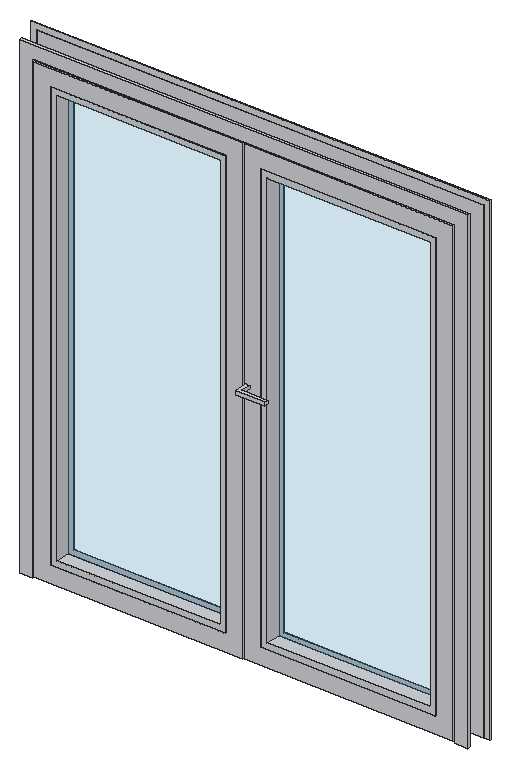
Revit family "a_reynaers_cs-104-functional_door_inside-opening-brush_doublerfa", category Окна, Revit 2017
Family settings
  Основа = Стена
  Номер OmniClass = 23.30.20.00
  Заголовок OmniClass = Windows
  Всегда вертикально = Да
  При загрузке вырезать с полостями = Нет
  Общий = Нет
  Точка расчета площади = Нет
Parameters (values of type "Frame 82mm")
  Youtube clip = ""
  Width INT [instance] = 1950 mm
  Width EXT [instance] = 2000 mm
  Weight Net (Kg) = 0
  Wall Exterior Width = 90 mm
  Uniclass 2.0 Description = "Doors, Windows And Glazing Survey Systems"
  Uniclass 2.0 Code = "SS-10-50-25-25"
  Uniclass 1.4 Description = "Doors"
  Uniclass 1.4 Code = "JL20"
  URL = "http://www.reynaers.com/architects/products/cs-104-hi-0"
  UNSPSC Code = "301715"
  Technical description = ""
  Region South America = "None"
  Region Oceania = "None"
  Region North America = "None"
  Region Middle East = "None"
  Region Europe = "AD, AL, AT, AX, BA, BE, BG, BY, CH, CS, CY, CZ, DE, DK, EE, ES, FI, FO, FR, GB, GG, GI, GR, HR, HU, IE, IM, IS, IT, JE, LI, LT, LU, LV, MC, MD, ME, MK, MT, NL, NO, PL, PT, RO, RS, RU, SE, SI, SJ, SK, SM, UA, VA, XK"
  Region Asia = "None"
  Region Antarctica = "None"
  Region Africa = "None"
  REY Website = "www.reynaers.com"
  REY Vent Width = 71 mm
  REY Vent & Gap & 20 = REY Vent Width + REY Gap Width + 20 mm  # 97 mm
  REY Sill Height = 0 mm  # constant formula
  REY Sill H = 0 mm  # constant formula
  REY Shutter Roll Material = none
  REY Shutter Roll Height = 200 mm
  REY Shutter Position = if(BE, 0 mm, REY Butt Strip Width)  # 25 mm
  REY Shutter Height = if(REY Shutter, REY Shutter Roll Height, 0 mm)  # 0 mm
  REY Shutter Depth = if(REY Shutter, 59 mm, 0 mm)  # 0 mm
  REY Shutter = no
  REY Rebate TOP B = if(BE, REY Rebate, 0 mm)  # 0 mm
  REY Rebate TOP A = if(NL, REY Rebate, 0 mm)  # 30 mm
  REY Rebate B = if(BE, REY Rebate, 0 mm)  # 0 mm
  REY Rebate A = if(NL, REY Rebate, 0 mm)  # 30 mm
  REY Rebate = 30 mm
  REY Profile Rebate = 25 mm
  REY Profile Color OUT [instance] = none
  REY Profile Color IN [instance] = none
  REY Panel Tickness [instance] = 24 mm
  REY Panel Material [instance] = Glass
  REY Panel Height [instance] = 1845 mm
  REY Panel Coverage = 19 mm
  REY Panel 1 Width [instance] = 749 mm
  REY Panel 1 Opening Direction Turn DIN R [instance] = yes
  REY Panel 1 Opening Direction Turn DIN L [instance] = no
  REY Offset Wall Ext Int B = if(BE, REY Offset Wall Ext Int, 0 mm)  # 0 mm
  REY Offset Wall Ext Int A = if(NL, REY Offset Wall Ext Int, 0 mm)  # 25 mm
  REY Offset Wall Ext Int = 25 mm
  REY Joint Width B = if(BE, REY Joint Width, 0 mm)  # 0 mm
  REY Joint Width A = if(NL, REY Joint Width, 0 mm)  # 8 mm
  REY Joint Width = 8 mm
  REY Joint Bottom = 0 mm
  REY Gap Width = 6 mm
  REY Gap Floor = 7 mm
  REY Frame Width = 82 mm
  REY Frame Position MID = REY Vent Width + REY Gap Width  # 77 mm
  REY Fixation Bottom = 33 mm
  REY Element Width [instance] = 1990 mm
  REY Element Height [instance] = 2220 mm
  REY Design = 0 mm  # constant formula
  REY Butt Strip Width = 25 mm
  REY Built-In Depth = 95 mm
  REY Brush Profile Height = 26 mm
  REY Block Frame = no
  QR code = "http://file-system.ru/catalog/zdaniya_i_sooruzheniya/eksterer/dveri/cs_104_dveri/"
  Product group = "Windows Aluminium"
  Product family = "Windows & Doors"
  Product data url = "http://file-system.ru/catalog/zdaniya_i_sooruzheniya/eksterer/dveri/cs_104_dveri/"
  Product certification = ""
  Product SKU = "Reynaers_door_Concept_system_104_HI"
  Product Guid = "2fc0731a-14b4-4d12-820d-d65da8d0a27a"
  OmniClass Description = ""
  OmniClass Code = ""
  Nominal width = 0
  Nominal height = 0
  NL = yes
  NBS Reference Description = "Doors, Windows And Glazing Survey Systems"
  NBS Reference Code = "10-50-25-25"
  Material secondary = "Aluminium"
  Material main = "Aluminium"
  Manufacturer name = "Reynaers"
  Manufacturer country = "Belgium"
  Изготовитель = "Reynaers"
  Installation instructions = ""
  IFC Classification = "Door"
  Height INT [instance] = 2108 mm
  Height EXT [instance] = 2100 mm
  Height [instance] = Height EXT  # 2100 mm
  Edition number = 1
  EAN code = ""
  Design country = "Belgium"
  Default Sill Height = 0 mm
  Замыкание стены = По основе
  Width [instance] = Width EXT  # 2000 mm
  Date of publishing = "2015-09-17"
  COBIe Type Category = ""
  BE = no
  Аналитическая конструкция = "<None>"
Reference planes
  plane 1 "Center (Front/Back)": y = 0
  plane 2 "Center (Left/Right)": x = 0
  plane 3 "REY L EXT": x = -1000
  plane 4 "REY R EXT": x = 1000
  plane 5 "Sill": z = 0
  plane 6 "REY Top EXT": z = 2100
  plane 7 "Exterior": y = 150
  plane 8 "Interior": y = -150
  plane 9 "REY Profile L": x = -970
  plane 10 "REY Profile Temp": x = -1000
  plane 11 "REY L INT Temp": x = -1000
  plane 12 "Wall Exterior Width": y = 60
  plane 13 "REY L INT": x = -975
  plane 14 "REY R INT Temp": x = 1000
  plane 15 "REY R INT": x = 975
  plane 16 "REY Top INT": z = 2075
  plane 17 "REY Top INT Temp": z = 2100
  plane 18 "REY Sill Bottom": z = 0
  plane 19 "REY Bottom INT": z = -33
  plane 20 "REY Shutter TOP": z = 2075
  plane 21 "REY Profile TOP": z = 2070
  plane 22 "REY Profile TOP Temp": z = 2100
  plane 23 "REY Profile Joint Temp": y = 60
  plane 24 "REY Profile Joint": y = 68
  plane 25 "REY Built-In-Depth": y = -27
  plane 26 "REY Frame L": x = -888
  plane 27 "REY Gap L": x = -882
  plane 28 "REY Vent L": x = -811
  plane 29 "REY Panel L": x = -830
  plane 30 "REY Profile A Rebate": x = -995
  plane 31 "REY Shutter": y = 68
  plane 32 "REY Profile Design": y = 68
  plane 33 "REY Panel OUT": y = 60
  plane 34 "REY Panel IN": y = 36
  plane 35 "REY Profile R": x = 970
  plane 36 "Mid Window": z = 990
  plane 37 "REY Panel TOP": z = 1930
  plane 38 "REY Gap TOP": z = 1982
  plane 39 "REY Frame TOP": z = 1988
  plane 40 "REY Vent TOP": z = 1911
  plane 41 "REY Shutter Position L": x = -995
  plane 42 "REY Shutter Position R": x = 995
  plane 43 "REY A Butt-Strip": x = -995
  plane 44 "REY Shutter Position TOP": z = 2095
  plane 45 "REY Frame R": x = 888
  plane 46 "REY GAP R": x = 882
  plane 47 "REY Vent R": x = 811
  plane 48 "REY Panel R": x = 830
  plane 49 "REY Door Profile Bottom": z = 7
  plane 50 "REY Door Gap Bottom": z = 33
  plane 51 "REY Panel Bottom": z = 85
  plane 52 "REY Vent Bottom": z = 104
  plane 53 "REY MID 1/2": x = 0
  plane 54 "REY Fixed Gap MID L": x = -3
  plane 55 "REY Fixed Gap MID R": x = 3
  plane 56 "REY Frame INT MID 1/2 L": x = -23
  plane 57 "REY Vent MID L": x = -100
  plane 58 "REY Vent MID R": x = 100
  plane 59 "REY Panel MID L": x = -81
  plane 60 "REY Panel MID R": x = 81
  plane 61 "REY Frame INT MID 1/2 R": x = 23
Forms (mm)
  Extrusion 1, void
    sketch origin (0, 0, 0) x (0, -1, 0) y (1, 0, 0)
      loop
        line (-150, -1000) -> (-60, -1000) -> (-60, 1000) -> (-150, 1000) -> (-150, -1000)
    from 0 to 2100
  Extrusion 2, void
    sketch origin (0, 0, 0) x (0, -1, 0) y (1, 0, 0)
      loop
        line (-60, -975) -> (150, -975) -> (150, 975) -> (-60, 975) -> (-60, -975)
    from -33 to 2075
  Sweep 3, solid, material <- "REY Profile Color OUT"
    path origin (0, 68, 0) x (-1, 0, 0) y (0, 0, 1)
      loop
        line (100, 104) -> (811, 104) -> (811, 1911) -> (100, 1911) -> (100, 104)
    profile origin (-811, 68, 1007.5) x (0, 1, 0) y (-1, 0, 0)
      loop
        line (0, 71) -> (-4.459, 71) -> (-4.459, 77) -> (-6.259, 77) -> (-6.259, 70.048) -> (-3.8, 70.048) -> (-3.8, 0) -> (0, 0) -> (0, 71)
  Sweep 4, solid, material <- "REY Profile Color IN"
    path origin (0, -27, 0) x (-1, 0, 0) y (0, 0, 1)
      loop
        line (811, 104) -> (811, 1911) -> (100, 1911) -> (100, 104) -> (811, 104)
    profile origin (-811, -27, 1007.5) x (1, 0, 0) y (0, 1, 0)
      loop
        line (-97, 4) -> (-97, 0) -> (-25, 0) -> (-25, 4) -> (-97, 4)
      loop
        line (-24, 63) -> (-24, 0) -> (0, 0) -> (0, 63) -> (-24, 63)
  Extrusion 5, solid, material "Glass" <- "REY Panel Material"
    sketch origin (0, 0, 52) x (0, 1, 0) y (-1, 0, 0)
      loop
        line (36, 830) -> (36, 81) -> (60, 81) -> (60, 830) -> (36, 830)
    from 33 to 1878
  Extrusion 6, solid, material <- "REY Profile Color OUT", visible <- "REY Shutter"
    sketch origin (0, 0, 0) x (0, -1, 0) y (1, 0, 0)
      loop
        line (-68, 995) -> (-127, 995) -> (-127, 966.665) -> (-122.8, 966.665) -> (-122.8, 993.165) -> (-104.8, 993.165) -> (-104.8, 966.665) -> (-68, 966.665) -> (-68, 995)
    from 0 to 2070
  Sweep 7, solid, material <- "REY Profile Color OUT", visible <- "NL"
    path origin (0, 68, 0) x (-1, 0, 0) y (0, 0, 1)
      loop
        line (970, 0) -> (970, 2070) -> (-970, 2070) -> (-970, 0)
    profile origin (-970, 68, 1035) x (1, 0, 0) y (0, 1, 0)
      loop
        line (0, 0) -> (-25, 0) -> (-25, -3.8) -> (0, -3.8) -> (0, 0)
  Extrusion 8, solid, material <- "REY Profile Color OUT", visible <- "REY Shutter"
    sketch origin (970, 0, 0) x (0, 1, 0) y (0, 0, -1)
      loop
        line (68, -2078.8) -> (68, -2080.4) -> (89.9, -2080.4)
        arc (89.9, -2080.4) -> (92.728, -2081.572) -> (93.9, -2084.4) r 4
        line (93.9, -2084.4) -> (93.9, -2111.4)
        arc (93.9, -2111.4) -> (90.707, -2119.107) -> (83, -2122.3) r 10.9
        line (83, -2122.3) -> (83, -2123.9)
        arc (83, -2123.9) -> (91.839, -2120.239) -> (95.5, -2111.4) r 12.5
        line (95.5, -2111.4) -> (95.5, -2084.4)
        arc (95.5, -2084.4) -> (93.86, -2080.44) -> (89.9, -2078.8) r 5.6
        line (89.9, -2078.8) -> (68, -2078.8)
    from 0 to 1940
  Extrusion 9, solid, material <- "REY Shutter Roll Material", visible <- "REY Shutter"
    sketch origin (970, 0, 0) x (0, 1, 0) y (0, 0, -1)
      loop
        line (60, -2075) -> (-150, -2075) -> (-150, -2085) -> (60, -2085) -> (60, -2075)
    from -5 to 1945
  Extrusion 10, solid, material <- "REY Profile Color OUT", visible <- "REY Shutter"
    sketch origin (0, 0, 0) x (0, -1, 0) y (1, 0, 0)
      loop
        line (-68, -995) -> (-68, -966.665) -> (-104.8, -966.665) -> (-104.8, -993.165) -> (-122.8, -993.165) -> (-122.8, -966.665) -> (-127, -966.665) -> (-127, -995) -> (-68, -995)
    from 0 to 2095
  Sweep 11, solid, material <- "REY Profile Color IN"
    path origin (0, -27, 0) x (-1, 0, 0) y (0, 0, 1)
      loop
        line (970, 0) -> (970, 2070) -> (-970, 2070) -> (-970, 0)
    profile origin (-970, -27, 1035) x (1, 0, 0) y (0, 1, 0)
      loop
        line (56, 9) -> (67, 9) -> (67, 13) -> (0, 13) -> (0, 0) -> (56, 0) -> (56, 9)
  Sweep 12, solid, material <- "REY Profile Color OUT"
    path origin (0, 68, 0) x (-1, 0, 0) y (0, 0, 1)
      loop
        line (970, 0) -> (970, 2070) -> (-970, 2070) -> (-970, 0)
    profile origin (-970, 68, 1035) x (1, 0, 0) y (0, 1, 0)
      loop
        line (0, 0) -> (0, -3.8) -> (82, -3.8) -> (82, 0) -> (0, 0)
  Extrusion 13, solid, material <- "REY Profile Color OUT"
    sketch origin (0, 0, 0) x (0, -1, 0) y (1, 0, 0)
      loop
        line (-68, -888) -> (-64.2, -888) -> (-64.2, 888) -> (-68, 888) -> (-68, -888)
    from 7 to 33
  Sweep 14, solid, material <- "REY Profile Color OUT"
    path origin (0, 68, 0) x (-1, 0, 0) y (0, 0, 1)
      loop
        line (-811, 1911) -> (-811, 104) -> (-100, 104) -> (-100, 1911) -> (-811, 1911)
    profile origin (811, 68, 1007.5) x (1, 0, 0) y (0, 1, 0)
      loop
        line (71, 0) -> (0, 0) -> (0, -3.8) -> (70.048, -3.8) -> (70.048, -6.259) -> (77, -6.259) -> (77, -4.459) -> (71, -4.459) -> (71, 0)
  Sweep 15, solid, material <- "REY Profile Color IN"
    path origin (0, -27, 0) x (-1, 0, 0) y (0, 0, 1)
      loop
        line (-811, 104) -> (-100, 104) -> (-100, 1911) -> (-811, 1911) -> (-811, 104)
    profile origin (811, -27, 1007.5) x (0, 1, 0) y (-1, 0, 0)
      loop
        line (4, -97) -> (4, -25) -> (0, -25) -> (0, -97) -> (4, -97)
      loop
        line (63, -24) -> (63, 0) -> (0, 0) -> (0, -24) -> (63, -24)
  Extrusion 16, solid, material "Glass" <- "REY Panel Material"
    sketch origin (0, 0, 85) x (0, -1, 0) y (1, 0, 0)
      loop
        line (-60, 81) -> (-36, 81) -> (-36, 830) -> (-60, 830) -> (-60, 81)
    from 0 to 1845
  Extrusion 17, solid, material <- "REY Profile Color OUT"
    sketch origin (0, 0, 33) x (0, -1, 0) y (1, 0, 0)
      loop
        line (-68, -23) -> (-64, -23) -> (-64, 23) -> (-68, 23) -> (-68, -23)
    from 0 to 1955
Lines and regions (mm)
  symbolic lines, style "Windows"
    curve 1: line (-888, 68, 0) -> (-970, 68, 0)
    curve 2: line (-888, 61.741, 0) -> (-888, 68, 0)
    curve 3: line (-913, 61.741, 0) -> (-913, -18, 0)
    curve 4: line (-888, 61.741, 0) -> (-913, 61.741, 0)
    curve 5: line (-811, -27, 0) -> (-908, -27, 0)
    curve 6: line (-908, -27, 0) -> (-908, -23, 0)
    curve 7: line (-882, 68, 0) -> (-882, 60, 0)
    curve 8: line (-811, 68, 0) -> (-882, 68, 0)
    curve 9: line (-908, -23, 0) -> (-908, 60, 0)
    curve 10: line (-908, 60, 0) -> (-882, 60, 0)
    curve 11: line (970, 68, 0) -> (970, -27, 0)
    curve 12: line (970, -27, 0) -> (913, -27, 0)
    curve 13: line (913, -27, 0) -> (913, 61.741, 0)
    curve 14: line (970, 68, 0) -> (888, 68, 0)
    curve 15: line (882, 68, 0) -> (882, 59.741, 0)
    curve 16: line (-3, -27, 0) -> (811, -27, 0)
    curve 17: line (-3, -23, 0) -> (-3, -27, 0)
    curve 18: line (908, 59.741, 0) -> (908, -23, 0)
    curve 19: line (882, 68, 0) -> (811, 68, 0)
    curve 20: line (-811, 68, 0) -> (-811, -27, 0)
    curve 21: line (811, -27, 0) -> (811, 68, 0)
    curve 22: line (811, 36, 0) -> (100, 36, 0)
    curve 23: line (970, 60, 2070) -> (970, 9, 2070)
    curve 24: line (970, 9, 2003) -> (970, 9, 2070)
    curve 25: line (970, 61.741, 2003) -> (970, 9, 2003)
    curve 26: line (970, 61.741, 1988) -> (970, 61.741, 2003)
    curve 27: line (970, 61.741, 1988) -> (970, 60, 1988)
    curve 28: line (970, 60, 1988) -> (970, 60, 2070)
    curve 30: line (970, 61.741, 1930) -> (970, -27, 1930)
    curve 31: line (970, 61.741, 1911) -> (970, 61.741, 1930)
    curve 32: line (970, 68, 1911) -> (970, 61.741, 1911)
    curve 33: line (970, 68, 1911) -> (970, 68, 1982)
    curve 34: line (970, 57.21, 1982) -> (970, 68, 1982)
    curve 35: line (970, 57.21, 1982) -> (970, 57.21, 2100)
    curve 36: line (970, 57.21, 2100) -> (970, 4, 2100)
    curve 37: line (970, -27, 2008) -> (970, 4, 2008)
    curve 38: line (970, -27, 1911) -> (970, -27, 2008)
    curve 39: line (970, 36, 1911) -> (970, -27, 1911)
    curve 40: line (970, -27, 1911) -> (970, -27, 1930)
    curve 41: line (970, 36, 1930) -> (970, -27, 1930)
    curve 42: line (970, 36, 1930) -> (970, 36, 1911)
    curve 62: line (-970, -27, 0) -> (-970, 68, 0)
    curve 63: line (-811, 60, 0) -> (-100, 60, 0)
    curve 64: line (888, 61.741, 0) -> (888, 68, 0)
    curve 65: line (888, 61.741, 0) -> (913, 61.741, 0)
    curve 66: line (882, 59.741, 0) -> (908, 59.741, 0)
    curve 80: line (-914, -18, 0) -> (-914, -27, 0)
    curve 81: line (-914, -27, 0) -> (-970, -27, 0)
    curve 87: line (-100, 36, 0) -> (-811, 36, 0)
    curve 88: line (100, 60, 0) -> (811, 60, 0)
    curve 89: line (3, 68, 33) -> (100, 68, 33)
    curve 90: line (3, -27, 33) -> (3, 68, 33)
    curve 91: line (100, -27, 33) -> (3, -27, 33)
    curve 92: line (100, 68, 33) -> (100, -27, 33)
    curve 93: line (-3, 68, 33) -> (-100, 68, 33)
    curve 94: line (-3, -27, 33) -> (-3, 68, 33)
    curve 95: line (-100, -27, 33) -> (-3, -27, 33)
    curve 96: line (-100, 68, 33) -> (-100, -27, 33)
  symbolic lines, style "Windows", not visible
    curve 29: line (970, -27, 1930) -> (970, -27, 2008)
  symbolic lines, style "Windows", visible <- "REY Block Frame"
    curve 43: line (970, 110, 0) -> (970, 68, 0)
  symbolic lines, style "Windows", visible <- "NL"
    curve 44: line (970, 2.2, 0) -> (970, 60, 0)
  symbolic lines, style "REY Draaisymbool Aanzicht Binnen", detail levels medium+fine
    curve 45: line (811, -27, 1911) -> (100, -27, 990)
    curve 46: line (100, -27, 990) -> (811, -27, 104)
  symbolic lines
    curve 47: line (-1000, 150, 0) -> (1000, 150, 0)
    curve 48: line (1000, -150, 0) -> (-1000, -150, 0)
  symbolic lines, style "Windows", visible <- "REY Shutter"
    curve 49: line (-995, 127, 0) -> (-966.665, 127, 0)
    curve 50: line (-966.665, 127, 0) -> (-966.665, 122.8, 0)
    curve 51: line (-966.665, 122.8, 0) -> (-993.165, 122.8, 0)
    curve 52: line (-993.165, 122.8, 0) -> (-993.165, 104.8, 0)
    curve 53: line (-993.165, 104.8, 0) -> (-966.665, 104.8, 0)
    curve 54: line (-966.665, 104.8, 0) -> (-966.665, 68, 0)
    curve 55: line (-995, 64, 0) -> (-995, 127, 0)
    curve 56: line (966.665, 127, 0) -> (970, 127, 0)
    curve 57: line (966.665, 122.8, 0) -> (966.665, 127, 0)
    curve 58: line (993.165, 122.8, 0) -> (966.665, 122.8, 0)
    curve 59: line (993.165, 104.8, 0) -> (993.165, 122.8, 0)
    curve 60: line (991.665, 104.8, 0) -> (993.165, 104.8, 0)
    curve 61: line (970, 68, 0) -> (991.665, 68, 0)
  symbolic lines, style "Windows", visible <- "REY Panel 1 Opening Direction Turn DIN R"
    curve 67: line (25.5, -27, 0) -> (10.5, -27, 0)
    curve 73: line (10.5, -84.5, 0) -> (10.5, -27, 0)
    curve 74: line (138, -84.5, 0) -> (10.5, -84.5, 0)
    curve 75: line (138, -69.5, 0) -> (138, -84.5, 0)
    curve 76: line (25.5, -69.5, 0) -> (138, -69.5, 0)
    curve 77: line (25.5, -27, 0) -> (25.5, -69.5, 0)
  symbolic lines, style "REY Draaisymbool Aanzicht Binnen"
    curve 68: line (-811, -27, 1911) -> (-100, -27, 990)
    curve 69: line (-100, -27, 990) -> (-811, -27, 104)
  symbolic lines, style "Windows", visible <- "REY Panel 1 Opening Direction Turn DIN L"
    curve 70: line (-10.5, -84.5, 0) -> (-10.5, -27, 0)
    curve 71: line (-25.5, -27, 0) -> (-25.5, -69.5, 0)
    curve 72: line (-138, -84.5, 0) -> (-10.5, -84.5, 0)
    curve 78: line (-138, -69.5, 0) -> (-138, -84.5, 0)
    curve 79: line (-25.5, -69.5, 0) -> (-138, -69.5, 0)
  symbolic lines, style "REY Draaisymbool Plan"
    curve 82: line (888, 68, 33) -> (888, -820, 33)
    curve 83: line (-888, 68, 33) -> (-888, -820, 33)
    curve 84: line (908, -27, 33) -> (811, -27, 33)
    curve 85: arc (0, 68, 33) -> (-260.089, -559.911, 33) -> (-888, -820, 33) r 888
    curve 86: arc (0, 68, 33) -> (260.089, -559.911, 33) -> (888, -820, 33) r 888
Text (mm)
  text "EXTERIOR" at (-1963.203, 1332.353, 0), in view "Ref. Level"
  text "INTERIOR" at (-1981.466, -818.386, 0), in view "Ref. Level"
  text "Exterior" at (0, 923.751, 2943.296), in view "Right"
  text "Exterior" at (0, 1040.484, 2685.409), in view "Left"
  text "EXT" at (0, 709.313, 2863.072), in view "Section 1"
Dimensions and locks
  equal spacing: plane 3 "REY L EXT", plane 2 "Center (Left/Right)", plane 4 "REY R EXT"
  "Width": plane 3 "REY L EXT" to plane 4 "REY R EXT"
  "Height": plane 5 "Sill" to plane 6 "REY Top EXT"
  "Default Sill Height": plane 5 "Sill" to level
  locked: plane 7 "Exterior" to host wall at 0
  locked: plane 8 "Interior" to host wall
  "Wall Exterior Width": plane 7 "Exterior" to plane 12 "Wall Exterior Width"
  "REY Rebate B": plane 10 "REY Profile Temp" to plane 3 "REY L EXT"
  "REY Rebate A": plane 10 "REY Profile Temp" to plane 9 "REY Profile L"
  "REY Offset Wall Ext Int B": plane 4 "REY R EXT" to plane 14 "REY R INT Temp"
  "REY Offset Wall Ext Int B": plane 11 "REY L INT Temp" to plane 3 "REY L EXT"
  "REY Offset Wall Ext Int A": plane 11 "REY L INT Temp" to plane 13 "REY L INT"
  "REY Offset Wall Ext Int A": plane 15 "REY R INT" to plane 14 "REY R INT Temp"
  "REY Offset Wall Ext Int A": plane 16 "REY Top INT" to plane 17 "REY Top INT Temp"
  "REY Offset Wall Ext Int B": plane 6 "REY Top EXT" to plane 17 "REY Top INT Temp"
  "Width INT": plane 13 "REY L INT" to plane 15 "REY R INT"
  "REY Joint Bottom": plane 5 "Sill" to plane 18 "REY Sill Bottom"
  "REY Fixation Bottom": plane 18 "REY Sill Bottom" to plane 19 "REY Bottom INT"
  "REY Shutter Height": plane 20 "REY Shutter TOP" to plane 16 "REY Top INT"
  "REY Rebate TOP B": plane 22 "REY Profile TOP Temp" to plane 6 "REY Top EXT"
  "REY Rebate TOP A": plane 22 "REY Profile TOP Temp" to plane 21 "REY Profile TOP"
  "REY Joint Width A": plane 24 "REY Profile Joint" to plane 23 "REY Profile Joint Temp"
  "REY Joint Width B": plane 12 "Wall Exterior Width" to plane 23 "REY Profile Joint Temp"
  "REY Built-In Depth": plane 32 "REY Profile Design" to plane 25 "REY Built-In-Depth"
  "REY Frame Width": plane 9 "REY Profile L" to plane 26 "REY Frame L"
  "REY Gap Width": plane 26 "REY Frame L" to plane 27 "REY Gap L"
  "REY Vent Width": plane 27 "REY Gap L" to plane 28 "REY Vent L"
  "REY Profile Rebate": plane 30 "REY Profile A Rebate" to plane 9 "REY Profile L"
  "REY Panel Coverage": plane 29 "REY Panel L" to plane 28 "REY Vent L"
  "REY Design": plane 31 "REY Shutter" to plane 32 "REY Profile Design"
  "REY Shutter Depth": plane 24 "REY Profile Joint" to plane 31 "REY Shutter"
  locked: plane 32 "REY Profile Design" to plane 33 "REY Panel OUT" at 8
  "REY Panel Tickness": plane 33 "REY Panel OUT" to plane 34 "REY Panel IN"
  equal spacing: plane 9 "REY Profile L", plane 2 "Center (Left/Right)", plane 35 "REY Profile R"
  Sweep 4 sketch curve to Sweep 4 sketch curve = 24 mm
  Sweep 4 sketch curve to Sweep 4 sketch curve = 1 mm
  Sweep 4 to Sweep 4 = 24 mm
  Sweep 4 to Sweep 4 = 1 mm
  "REY Vent Width": plane 40 "REY Vent TOP" to plane 38 "REY Gap TOP"
  "REY Gap Width": plane 38 "REY Gap TOP" to plane 39 "REY Frame TOP"
  "REY Panel Coverage": plane 40 "REY Vent TOP" to plane 37 "REY Panel TOP"
  "REY Shutter Position": plane 41 "REY Shutter Position L" to plane 9 "REY Profile L"
  "REY Shutter Position": plane 35 "REY Profile R" to plane 42 "REY Shutter Position R"
  Extrusion 6 sketch curve to Extrusion 6 sketch curve to Extrusion 6 sketch curve = 18 mm locked, 4.2 mm locked
  locked: Extrusion 6 sketch curve to Extrusion 6 sketch curve at 1.835
  locked: Extrusion 6 sketch curve to Extrusion 6 sketch curve at 28.335
  locked: Extrusion 6 sketch curve to Extrusion 6 sketch curve at 36.8
  plane 22 "REY Profile TOP Temp" to plane 36 "Mid Window" = 1110 mm
  "REY Butt Strip Width": plane 43 "REY A Butt-Strip" to plane 9 "REY Profile L"
  "REY Shutter Position": plane 44 "REY Shutter Position TOP" to plane 21 "REY Profile TOP"
  "REY Frame Width": plane 39 "REY Frame TOP" to plane 21 "REY Profile TOP"
  locked: Extrusion 8 sketch curve to plane 44 "REY Shutter Position TOP" at 14.6
  locked: Extrusion 8 sketch curve to plane 31 "REY Shutter" at 25.9
  Extrusion 9 to plane 6 "REY Top EXT" = 15 mm
  Extrusion 10 sketch curve to Extrusion 10 sketch curve to Extrusion 10 sketch curve = 18 mm locked, 4.2 mm locked
  locked: Extrusion 10 sketch curve to Extrusion 10 sketch curve at 1.835
  locked: Extrusion 10 sketch curve to Extrusion 10 sketch curve at 28.335
  locked: Extrusion 10 sketch curve to Extrusion 10 sketch curve at 36.8
  locked: Sweep 3 sketch curve to Sweep 3 sketch curve at 0.952
  locked: curve 3 to curve 9 at 5
  "REY Vent Width": plane 47 "REY Vent R" to plane 46 "REY GAP R"
  "REY Gap Width": plane 46 "REY GAP R" to plane 45 "REY Frame R"
  "REY Frame Width": plane 45 "REY Frame R" to plane 35 "REY Profile R"
  locked: curve 18 to curve 13 at 5
  "Height INT": plane 20 "REY Shutter TOP" to plane 19 "REY Bottom INT"
  "REY Element Width": plane 41 "REY Shutter Position L" to plane 42 "REY Shutter Position R"
  locked: nested 2 to Sweep 4 at 15
  "REY Panel Coverage": plane 47 "REY Vent R" to plane 48 "REY Panel R"
  locked: Sweep 4 to Sweep 11 sketch curve at 5
  locked: Sweep 4 sketch curve to plane 26 "REY Frame L" at 20
  "REY Gap Floor": plane 49 "REY Door Profile Bottom" to plane 18 "REY Sill Bottom"
  "REY Brush Profile Height": plane 50 "REY Door Gap Bottom" to plane 49 "REY Door Profile Bottom"
  "REY Vent Width": plane 52 "REY Vent Bottom" to plane 50 "REY Door Gap Bottom"
  "REY Panel Coverage": plane 52 "REY Vent Bottom" to plane 51 "REY Panel Bottom"
  locked: Extrusion 9 to plane 20 "REY Shutter TOP" at 10
  "REY Panel Height": plane 37 "REY Panel TOP" to plane 51 "REY Panel Bottom"
  plane 52 "REY Vent Bottom" to plane 49 "REY Door Profile Bottom" = 97 mm
  Sweep 11 sketch curve to Sweep 4 = 6 mm
  plane 41 "REY Shutter Position L" to Sweep 11 = 81 mm
  Sweep 11 to Sweep 4 = 6 mm
  Sweep 4 to Sweep 4 to Sweep 4 = 72 mm, 25 mm
  plane 54 "REY Fixed Gap MID L" to plane 53 "REY MID 1/2" to plane 55 "REY Fixed Gap MID R" = 3 mm locked, 3 mm locked
  "REY Vent & Gap & 20": plane 57 "REY Vent MID L" to plane 54 "REY Fixed Gap MID L"
  "REY Vent & Gap & 20": plane 55 "REY Fixed Gap MID R" to plane 58 "REY Vent MID R"
  "REY Panel Coverage": plane 57 "REY Vent MID L" to plane 59 "REY Panel MID L"
  "REY Panel Coverage": plane 60 "REY Panel MID R" to plane 58 "REY Vent MID R"
  "REY Frame Position MID": plane 57 "REY Vent MID L" to plane 56 "REY Frame INT MID 1/2 L"
  "REY Frame Position MID": plane 61 "REY Frame INT MID 1/2 R" to plane 58 "REY Vent MID R"
  plane 56 "REY Frame INT MID 1/2 L" to plane 53 "REY MID 1/2" to plane 61 "REY Frame INT MID 1/2 R" = 23 mm, 23 mm
  locked: Sweep 14 sketch curve to Sweep 14 sketch curve at 0.952
  Sweep 15 sketch curve to Sweep 15 sketch curve = 24 mm
  Sweep 15 sketch curve to Sweep 15 sketch curve = 1 mm
  locked: plane 45 "REY Frame R" to Sweep 15 sketch curve at 20
  plane 26 "REY Frame L" to plane 53 "REY MID 1/2" to plane 45 "REY Frame R" = 888 mm, 888 mm  (x4)
  locked: plane 55 "REY Fixed Gap MID R" to nested 1 at 15
  "REY Panel 1 Width": plane 29 "REY Panel L" to plane 59 "REY Panel MID L"
  radius of Extrusion 8 sketch curve = 4 mm
  radius of Extrusion 8 sketch curve = 10.9 mm
  aligned and locked: Extrusion 1 sketch curve to plane 3 "REY L EXT"
  aligned and locked: plane 4 "REY R EXT" to Extrusion 1 sketch curve
  aligned and locked: Extrusion 1 sketch curve to plane 12 "Wall Exterior Width"
  aligned and locked: plane 7 "Exterior" to Extrusion 1 sketch curve
  aligned and locked: Extrusion 1 to plane 6 "REY Top EXT"
  aligned and locked: Extrusion 2 sketch curve to plane 12 "Wall Exterior Width"
  aligned and locked: Extrusion 2 sketch curve to plane 8 "Interior"
  aligned and locked: plane 13 "REY L INT" to Extrusion 2 sketch curve
  aligned and locked: plane 15 "REY R INT" to Extrusion 2 sketch curve
  aligned and locked: Extrusion 2 to plane 19 "REY Bottom INT"
  aligned and locked: plane 20 "REY Shutter TOP" to Extrusion 2
  aligned and locked: Sweep 3 sketch curve to plane 28 "REY Vent L"  (x2)
  aligned and locked: Sweep 4 sketch curve to plane 28 "REY Vent L"
  aligned and locked: Sweep 4 sketch curve to plane 34 "REY Panel IN"
  aligned and locked: Extrusion 5 sketch curve to plane 34 "REY Panel IN"
  aligned and locked: Extrusion 5 sketch curve to plane 33 "REY Panel OUT"
  aligned and locked: Extrusion 5 sketch curve to plane 29 "REY Panel L"
  aligned and locked: Extrusion 5 to plane 37 "REY Panel TOP"
  aligned and locked: Extrusion 6 sketch curve to Extrusion 6 sketch curve
  aligned and locked: Extrusion 6 sketch curve to plane 31 "REY Shutter"
  aligned and locked: plane 42 "REY Shutter Position R" to Extrusion 6 sketch curve
  aligned and locked: plane 9 "REY Profile L" to Sweep 7 sketch curve  (x2)
  aligned and locked: plane 35 "REY Profile R" to Sweep 7 sketch curve
  aligned and locked: Sweep 7 sketch curve to plane 43 "REY A Butt-Strip"
  aligned and locked: plane 21 "REY Profile TOP" to Extrusion 6
  aligned and locked: plane 31 "REY Shutter" to Extrusion 8 sketch curve
  aligned and locked: Sweep 7 sketch curve to plane 21 "REY Profile TOP"
  aligned and locked: Extrusion 8 to plane 9 "REY Profile L"
  aligned and locked: Extrusion 9 sketch curve to plane 16 "REY Top INT"
  aligned and locked: plane 12 "Wall Exterior Width" to Extrusion 9 sketch curve
  aligned and locked: Sweep 4 to curve 6
  aligned and locked: curve 17 to Sweep 4
  aligned and locked: curve 20 to Sweep 4
  aligned and locked: curve 23 to plane 21 "REY Profile TOP"
  aligned and locked: Sweep 3 to curve 26
  aligned and locked: curve 27 to Sweep 3
  aligned and locked: Sweep 4 to curve 29
  aligned and locked: plane 37 "REY Panel TOP" to curve 30
  aligned and locked: Sweep 3 to curve 31
  aligned and locked: curve 32 to Sweep 3
  aligned and locked: curve 34 to Sweep 3
  aligned and locked: curve 37 to Sweep 4
  aligned and locked: curve 39 to Sweep 4
  aligned and locked: Sweep 4 to curve 40
  aligned and locked: plane 37 "REY Panel TOP" to curve 41
  aligned and locked: Sweep 4 to curve 42
  aligned and locked: Extrusion 10 sketch curve to plane 31 "REY Shutter"
  aligned and locked: Extrusion 10 sketch curve to plane 41 "REY Shutter Position L"
  aligned and locked: plane 44 "REY Shutter Position TOP" to Extrusion 10
  aligned and locked: curve 49 to Extrusion 10
  aligned and locked: Extrusion 10 to curve 51
  aligned and locked: curve 52 to Extrusion 10
  aligned and locked: curve 53 to Extrusion 10
  aligned and locked: curve 54 to Extrusion 10
  aligned and locked: curve 55 to Extrusion 10
  aligned and locked: curve 56 to Extrusion 6
  aligned and locked: curve 57 to Extrusion 6
  aligned and locked: curve 58 to Extrusion 6
  aligned and locked: curve 59 to Extrusion 6
  aligned and locked: Extrusion 6 to curve 60
  aligned and locked: plane 32 "REY Profile Design" to curve 1
  aligned and locked: plane 32 "REY Profile Design" to curve 8
  aligned and locked: plane 27 "REY Gap L" to Sweep 3 sketch curve
  aligned and locked: plane 26 "REY Frame L" to Sweep 3 sketch curve
  aligned and locked: curve 7 to plane 27 "REY Gap L"
  aligned and locked: Extrusion 10 sketch curve to Extrusion 10 sketch curve
  aligned and locked: curve 50 to Extrusion 10
  aligned and locked: curve 22 to plane 34 "REY Panel IN"
  aligned and locked: plane 25 "REY Built-In-Depth" to curve 5
  aligned and locked: curve 16 to Sweep 4
  aligned and locked: plane 46 "REY GAP R" to curve 15
  aligned and locked: curve 64 to plane 45 "REY Frame R"
  aligned and locked: nested 1 to plane 25 "REY Built-In-Depth"
  aligned and locked: nested 2 to curve 72
  aligned and locked: plane 25 "REY Built-In-Depth" to nested 2
  aligned and locked: curve 67 to nested 1
  aligned and locked: plane 31 "REY Shutter" to Sweep 7 sketch curve
  aligned and locked: Sweep 12 sketch curve to plane 26 "REY Frame L"
  aligned and locked: plane 32 "REY Profile Design" to Extrusion 13 sketch curve
  aligned and locked: plane 45 "REY Frame R" to Extrusion 13 sketch curve
  aligned and locked: plane 26 "REY Frame L" to Extrusion 13 sketch curve
  aligned and locked: Extrusion 13 to Sweep 3
  aligned and locked: curve 74 to nested 1
  aligned and locked: nested 1 to curve 76
  aligned and locked: curve 78 to nested 2
  aligned and locked: Extrusion 13 to plane 49 "REY Door Profile Bottom"
  aligned and locked: Extrusion 9 to plane 13 "REY L INT"
  aligned and locked: Extrusion 9 to plane 15 "REY R INT"
  aligned and locked: Extrusion 5 to plane 51 "REY Panel Bottom"
  aligned and locked: Sweep 11 sketch curve to plane 25 "REY Built-In-Depth"
  aligned and locked: curve 80 to Sweep 11
  aligned and locked: curve 9 to Sweep 4
  aligned and locked: plane 57 "REY Vent MID L" to Sweep 3 sketch curve
  aligned and locked: plane 52 "REY Vent Bottom" to Sweep 3 sketch curve
  aligned and locked: Sweep 3 sketch curve to plane 40 "REY Vent TOP"
  aligned and locked: plane 28 "REY Vent L" to Sweep 4 sketch curve
  aligned and locked: Sweep 4 sketch curve to plane 57 "REY Vent MID L"
  aligned and locked: plane 40 "REY Vent TOP" to Sweep 4 sketch curve
  aligned and locked: plane 52 "REY Vent Bottom" to Sweep 4 sketch curve
  aligned and locked: plane 40 "REY Vent TOP" to Sweep 14 sketch curve
  aligned and locked: plane 47 "REY Vent R" to Sweep 14 sketch curve  (x2)
  aligned and locked: plane 52 "REY Vent Bottom" to Sweep 14 sketch curve
  aligned and locked: plane 58 "REY Vent MID R" to Sweep 14 sketch curve
  aligned and locked: plane 32 "REY Profile Design" to Sweep 14 sketch curve
  aligned and locked: Sweep 14 sketch curve to plane 46 "REY GAP R"
  aligned and locked: Sweep 14 sketch curve to plane 45 "REY Frame R"
  aligned and locked: Sweep 15 sketch curve to plane 52 "REY Vent Bottom"
  aligned and locked: Sweep 15 sketch curve to plane 47 "REY Vent R"
  aligned and locked: Sweep 15 sketch curve to plane 40 "REY Vent TOP"
  aligned and locked: Sweep 15 sketch curve to plane 58 "REY Vent MID R"
  aligned and locked: plane 47 "REY Vent R" to Sweep 15 sketch curve
  aligned and locked: Sweep 15 sketch curve to plane 25 "REY Built-In-Depth"  (x2)
  aligned and locked: Sweep 15 sketch curve to plane 34 "REY Panel IN"
  aligned and locked: plane 59 "REY Panel MID L" to Extrusion 5 sketch curve
  aligned and locked: plane 60 "REY Panel MID R" to Extrusion 16 sketch curve
  aligned and locked: Extrusion 16 sketch curve to plane 48 "REY Panel R"
  aligned and locked: Extrusion 16 sketch curve to plane 34 "REY Panel IN"
  aligned and locked: plane 33 "REY Panel OUT" to Extrusion 16 sketch curve
  aligned and locked: Extrusion 16 to plane 37 "REY Panel TOP"
  aligned and locked: curve 45 to Sweep 14
  aligned and locked: plane 36 "Mid Window" to curve 45
  aligned and locked: plane 36 "Mid Window" to curve 68
  aligned and locked: Sweep 14 to curve 46
  aligned and locked: curve 69 to Sweep 3
  aligned and locked: plane 56 "REY Frame INT MID 1/2 L" to Extrusion 17 sketch curve
  aligned and locked: Extrusion 17 sketch curve to plane 61 "REY Frame INT MID 1/2 R"
  aligned and locked: Extrusion 17 to plane 39 "REY Frame TOP"
  aligned and locked: plane 53 "REY MID 1/2" to plane 2 "Center (Left/Right)"
  aligned and locked: curve 21 to plane 47 "REY Vent R"
  aligned and locked: curve 71 to nested 2
  aligned and locked: curve 70 to nested 2
  aligned and locked: plane 32 "REY Profile Design" to curve 19
  aligned and locked: curve 14 to plane 32 "REY Profile Design"
  aligned and locked: curve 12 to plane 25 "REY Built-In-Depth"
  aligned and locked: curve 73 to nested 1
  aligned and locked: curve 77 to nested 1
  aligned and locked: curve 75 to nested 1
  aligned and locked: curve 89 to plane 32 "REY Profile Design"
  aligned and locked: curve 90 to plane 55 "REY Fixed Gap MID R"
  aligned and locked: plane 25 "REY Built-In-Depth" to curve 91
  aligned and locked: curve 92 to plane 58 "REY Vent MID R"
  aligned and locked: plane 32 "REY Profile Design" to curve 93
  aligned and locked: curve 94 to plane 54 "REY Fixed Gap MID L"
  aligned and locked: curve 95 to plane 25 "REY Built-In-Depth"
  aligned and locked: curve 96 to plane 57 "REY Vent MID L"
Automatic sketch dimensions
  Extrusion 8 sketch curve to Extrusion 8 sketch curve = 0 mm  (x3)
  Extrusion 8 sketch curve to Extrusion 8 sketch curve = 1.6 mm
  Extrusion 8 sketch curve to Extrusion 8 sketch curve = 27 mm
  Sweep 3 sketch curve to plane 32 "REY Profile Design" = 0 mm
  Sweep 3 sketch curve to plane 32 "REY Profile Design" = 3.8 mm
  Sweep 3 sketch curve to Sweep 3 sketch curve = 1.8 mm
  Sweep 7 sketch curve to plane 32 "REY Profile Design" = 3.8 mm
  Sweep 3 sketch curve to plane 32 "REY Profile Design" = 6.259 mm
  Sweep 7 sketch curve to level = 0 mm  (x2)
  Extrusion 13 sketch curve to plane 32 "REY Profile Design" = 3.8 mm
  Sweep 14 sketch curve to plane 32 "REY Profile Design" = 6.259 mm
  Sweep 14 sketch curve to plane 32 "REY Profile Design" = 3.8 mm
  Sweep 14 sketch curve to Sweep 14 sketch curve = 1.8 mm
  plane 33 "REY Panel OUT" to Extrusion 17 sketch curve = 8 mm
  plane 34 "REY Panel IN" to Extrusion 17 sketch curve = 28 mm
  Sweep 4 sketch curve to plane 25 "REY Built-In-Depth" = 0 mm  (x2)
  Sweep 4 sketch curve to Sweep 4 sketch curve = 4 mm
  Extrusion 9 sketch curve to host wall = 0 mm
  Extrusion 9 sketch curve to plane 20 "REY Shutter TOP" = 10 mm
  plane 6 "REY Top EXT" to curve 35 = 0 mm
  curve 33 to plane 31 "REY Shutter" = 0 mm
  curve 23 to plane 23 "REY Profile Joint Temp" = 0 mm
  plane 39 "REY Frame TOP" to curve 25 = 15 mm
  plane 33 "REY Panel OUT" to curve 35 = 2.79 mm
  host wall to curve 23 = 9 mm
  host wall to curve 37 = 4 mm
  host wall to curve 36 = 4 mm
  host wall to curve 48 = 0 mm
  curve 48 to plane 11 "REY L INT Temp" = 0 mm
  curve 47 to host wall = 0 mm
  curve 47 to plane 3 "REY L EXT" = 0 mm
  curve 47 to plane 4 "REY R EXT" = 0 mm
  plane 23 "REY Profile Joint Temp" to curve 44 = 0 mm
  curve 44 to plane 35 "REY Profile R" = 0 mm
  curve 48 to plane 14 "REY R INT Temp" = 0 mm
  curve 44 to host wall = 2.2 mm
  curve 45 to plane 58 "REY Vent MID R" = 0 mm
  curve 69 to plane 57 "REY Vent MID L" = 0 mm
  curve 68 to plane 28 "REY Vent L" = 0 mm
  curve 46 to plane 52 "REY Vent Bottom" = 0 mm
  curve 69 to plane 52 "REY Vent Bottom" = 0 mm
  curve 68 to plane 40 "REY Vent TOP" = 0 mm
  curve 45 to plane 40 "REY Vent TOP" = 0 mm
  Sweep 11 sketch curve to plane 21 "REY Profile TOP" = 0 mm
  plane 35 "REY Profile R" to Sweep 11 sketch curve = 0 mm
  Sweep 11 sketch curve to plane 9 "REY Profile L" = 0 mm
  Sweep 11 sketch curve to level = 0 mm  (x2)
  Sweep 11 sketch curve to profile plane = 0 mm
  plane 25 "REY Built-In-Depth" to Sweep 11 sketch curve = 9 mm
  Sweep 11 sketch curve to Sweep 11 sketch curve = 4 mm
  Sweep 12 sketch curve to plane 21 "REY Profile TOP" = 0 mm
  plane 35 "REY Profile R" to Sweep 12 sketch curve = 0 mm
  Sweep 12 sketch curve to plane 9 "REY Profile L" = 0 mm
  Sweep 12 sketch curve to level = 0 mm  (x2)
  Sweep 12 sketch curve to profile plane = 0 mm
  Sweep 12 sketch curve to plane 32 "REY Profile Design" = 0 mm
  Sweep 12 sketch curve to Sweep 12 sketch curve = 3.8 mm
  plane 25 "REY Built-In-Depth" to Sweep 15 sketch curve = 4 mm
  curve 2 to plane 26 "REY Frame L" = 0 mm
  curve 10 to plane 33 "REY Panel OUT" = 0 mm
  curve 62 to plane 9 "REY Profile L" = 0 mm
  curve 62 to plane 25 "REY Built-In-Depth" = 0 mm
  curve 11 to plane 35 "REY Profile R" = 0 mm
  plane 33 "REY Panel OUT" to curve 88 = 0 mm
  curve 63 to plane 33 "REY Panel OUT" = 0 mm
  curve 87 to plane 34 "REY Panel IN" = 0 mm
  curve 70 to plane 25 "REY Built-In-Depth" = 0 mm
  curve 71 to plane 25 "REY Built-In-Depth" = 0 mm
  curve 63 to plane 57 "REY Vent MID L" = 0 mm
  curve 87 to plane 57 "REY Vent MID L" = 0 mm
  curve 88 to plane 58 "REY Vent MID R" = 0 mm
  curve 22 to plane 58 "REY Vent MID R" = 0 mm
  curve 56 to plane 35 "REY Profile R" = 0 mm
  plane 33 "REY Panel OUT" to curve 65 = 1.741 mm
  plane 33 "REY Panel OUT" to curve 4 = 1.741 mm
  curve 66 to plane 33 "REY Panel OUT" = 0.259 mm
  curve 6 to curve 5 = 4 mm
  curve 79 to curve 72 = 15 mm
  curve 43 to curve 59 = 5.2 mm
  curve 55 to plane 31 "REY Shutter" = 4 mm
  curve 3 to curve 6 = 5 mm
  curve 80 to curve 3 = 0 mm
  plane 25 "REY Built-In-Depth" to curve 18 = 4 mm
  curve 17 to curve 16 = 4 mm
  curve 66 to plane 45 "REY Frame R" = 20 mm
  plane 4 "REY R EXT" to curve 60 = 8.335 mm
  plane 4 "REY R EXT" to curve 61 = 8.335 mm
  curve 82 to plane 45 "REY Frame R" = 0 mm
  curve 83 to plane 26 "REY Frame L" = 0 mm
  curve 86 to plane 31 "REY Shutter" = 0 mm
  curve 85 to plane 2 "Center (Left/Right)" = 0 mm
  curve 85 to plane 31 "REY Shutter" = 0 mm
  curve 82 to plane 31 "REY Shutter" = 0 mm
  curve 83 to plane 31 "REY Shutter" = 0 mm
  curve 84 to plane 25 "REY Built-In-Depth" = 0 mm
  curve 86 to plane 2 "Center (Left/Right)" = 0 mm
  curve 84 to plane 47 "REY Vent R" = 0 mm
  curve 84 to plane 45 "REY Frame R" = 20 mm
Nested families
  nested 1: "REY Handle Door" at (18, -27, 1077.5), REY Handle Color <- "REY Profile Color IN", visible <- "REY Panel 1 Opening Direction Turn DIN R", type "REY Handle Door"
    with REY Handle Color none
  nested 2: "REY Handle Door" at (-18, -27, 1077.5) x (-1, 0, 0) z (0, 0, 1), REY Handle Color <- "REY Profile Color IN", visible <- "REY Panel 1 Opening Direction Turn DIN L", type "REY Handle Door"
    with REY Handle Color none
Definition of nested family "REY Handle Door"
  Parameters
    REY Handle Color [instance] = none
  Reference planes
    plane 1 "Center (Front/Back)": y = 0
    plane 2: z = 0
    plane 3 "Center (Left/Right)": x = 0
  Forms (mm)
    Sweep 1, solid, material <- "REY Handle Color"
      path origin (0, 0, 0) x (1, 0, 0) y (0, 1, 0)
        loop
          line (0, 0) -> (0, -50) -> (120, -50)
      profile origin (0, -25, 0) x (1, 0, 0) y (0, 0, 1)
        loop
          line (-7.5, 0) -> (-7.5, -15) -> (7.5, -15) -> (7.5, 0) -> (-7.5, 0)
  Dimensions and locks
    Sweep 1 sketch curve to profile plane to Sweep 1 sketch curve = 7.5 mm, 7.5 mm
    aligned and locked: level to plane 2
